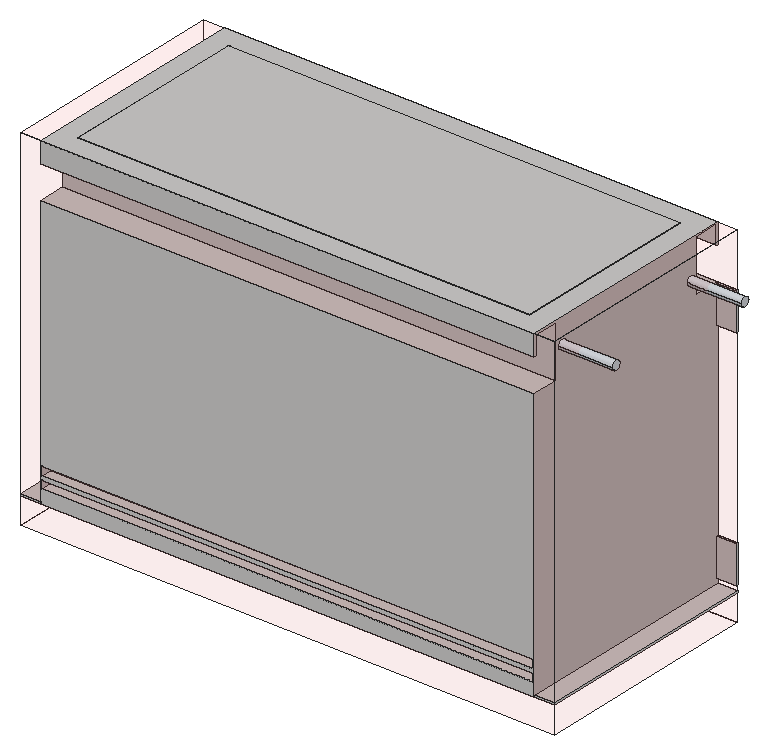
Revit family "Air-Curtain_Climate-Control_PoweredAire_THS", category Mechanical Equipment, host Face, Revit 2018
Family settings
  Host = Face
  Round Connector Dimension = Use Diameter
  Part Type = Normal
  OmniClass Number = 23.75.35.17.21
  OmniClass Title = Air Curtains
  Cut with Voids When Loaded = No
  Shared = No
  Room Calculation Point = No
Parameters
  upperrotation [instance] = if(Upper Pipe Connection Side A, 0.00°, 180.00°)  # 0.00°
  lowerrotation [instance] = if(Lower Pipe Connection Side A, 0.00°, 180.00°)  # 0.00°
  locateupperpipe [instance] = if(Upper Pipe Connection Side A, 0' 0", Nozzle Width)  # 0' - 0"
  locatelowerpipe [instance] = if(Lower Pipe Connection Side A, 0' 0", Nozzle Width)  # 0' - 0"
  Warranty Duration (Years) = 0
  Upper Pipe Connection Side A [instance] = yes
  Unit Width Notes = "Other Widths available."  # constant formula
  Unit Width = 3' - 3"
  Unit Weight = 0
  Unit Height = 1' - 4 3/4"
  Unit Depth [instance] = if(Include Filters, 2' 1 7/8", 1' 11 3/4")  # 1' - 11 3/4"
  URL = "http://www.poweredaire.com/"
  Test Data = ""
  Temperature Rise_Range = "as Specified"
  Standards Conformance = "as Specified"
  Specification = "http://www.arcat.com/sdspecs/htm04/23_34_33pai.htm"
  SpecWizard = ""
  Sound Pressure = "as Specified"
  Sales Information = "http://www.poweredaire.com/contact_us"
  Revision = "R1_2016-08"
  Projection from Host [instance] = 0' - 2"
  Product Properties = ""
  Product Data = "http://www.arcat.com/arcatcos/cos47/arc47623.html"
  Power Rating = 0 W
  Piping_Water Flow [instance] = 0 GPM
  Piping_Operating Pressure [instance] = 0.00 psi
  Piping_Exit Temperature [instance] = 0 °F
  Piping_Entry Temperature [instance] = 0 °F
  Pipe OD [instance] = 5/8"
  Outlet Volume_Range = "as Specified"
  Outlet Velocity_Range = "as Specified"
  Nozzle Width = if(1 = 1, Unit Width - 0' 3", 0' 0")  # 3' - 0"
  Mounting Width = if(1 = 1, Unit Width - 0' 1 1/2", 0' 0")  # 3' - 1 1/2"
  Mounting Height [instance] = 3' - 6"
  Motor RPM = 0
  Motor HP = 0
  Motor Count = 0
  Model = "As Specified"
  Max Height = 0' - 0"
  Manufacturer Website = "http://www.poweredaire.com/"
  Manufacturer Phone - Toll Free = "888-321-2473"
  Manufacturer Phone = "724-588-3305"
  Manufacturer Fax = "724-588-3371"
  Manufacturer Address = "109 Mortensen Rd.  Greenville, PA 16125"
  Manufacturer = "Powered Aire, Inc"
  Maintenance Schedule (Months) = 0
  Lower Pipe Connection Side A [instance] = yes
  Keynote = "23 34 33"
  Installation-Fabrication = ""
  Installation Phase = ""
  Include Filters [instance] = no
  Include Clearance [instance] = yes
  Heating Element Load = 0 W
  HVAC_Temperature Rise [instance] = 0 °F
  HVAC_Outlet Volume [instance] = 0 CFM
  HVAC_Outlet Velocity Uniformity = 0
  HVAC_Outlet Velocity [instance] = 0 FPM
  HVAC_BTU Input = 0.0 Btu/h
  Green Building-LEED = "http://www.arcat.com/green/clients/leed_data_47623.html"
  Front Grating Material [instance] = Metal - Steel - PoweredAire - Stainless 304 Perforated
  Frame Finish [instance] = Metal - Steel - PoweredAire - Stainless 304
  Expected Lifespan (Years) = 0
  Electrical_Wattage [instance] = Power Rating + Heating Element Load  # 0 W
  Electrical_Voltage [instance] = 0 V
  Electrical_Phase [instance] = 1
  Electrical_Frequency [instance] = 0 Hz
  Electrical_Amperage [instance] = 0 A
  Drawn By = "Sumex Design, Inc. / Robert S. Weygant, CSI, CDT, SCIP"
  Description = "Powered Aire Air Curtain as Specified"
  Default Elevation = 0' - 0"  # constant formula
  Copyright = "©Arcat Inc."
  Construction Details = "http://www.arcat.com/details/powair/prod3336.html"
  Clearance_Top [instance] = 0' - 0"
  Clearance_Side B [instance] = 0' - 0"
  Clearance_Side A [instance] = 0' - 0"
  Clearance_Intake [instance] = 0' - 0"
  Clearance_Bottom [instance] = 0' - 0"
  Clearance Material [instance] = ARCAT Clearance
  Building Codes = ""
  Available Options [instance] = "as Specified"
  Assembly Code = "D3090400"
Reference planes (in)
  plane 1 "Center (Elevation)": y = 0.13818
  plane 2: z = 0
  plane 3 "Center (Left/Right)": x = 0
  plane 4: y = 8.51318
  plane 5: y = -8.23682
  plane 6: x = -19.5
  plane 7: x = 19.5
  plane 8: z = 25.75
  plane 9 "FF": y = -41.86182
  plane 10: z = 2
  plane 11: x = 18
  plane 12: x = -18
  plane 13: y = 8.51318
  plane 14: y = -8.23682
  plane 15: x = -19.5
  plane 16: x = 19.5
  plane 17: z = 25.75
  plane 18: x = 17.9375
  plane 19: x = -17.9375
  plane 20: x = 18
  plane 21: x = 18
  plane 22: y = 6.01318
  plane 23: y = -5.73682
Forms (in)
  Extrusion 1, solid, material "Metal - Steel - PoweredAire - Stainless 304" <- "Frame Finish"
    sketch origin (0, 0, 0) x (0, 1, 0) y (0, 0, 1)
      loop
        line (-8.23682, 2) -> (8.51318, 2) -> (8.51318, 21.8125) -> (6.51318, 21.8125) -> (6.51318, 25.625) -> (8.38818, 25.625) -> (8.38818, 24.25) -> (8.51318, 24.25) -> (8.51318, 25.75) -> (-8.23682, 25.75) -> (-8.23682, 24.25) -> (-8.11182, 24.25) -> (-8.11182, 25.625) -> (-6.23682, 25.625) -> (-6.23682, 21.8125) -> (-8.23682, 21.8125) -> (-8.23682, 2)
    from -18 to 18
  Extrusion 2, solid, material "ARCAT Clearance" <- "Clearance Material", visible <- "Include Clearance"
    sketch origin (0, 0, 0) x (0, 1, 0) y (0, 0, 1)
      loop
        line (-8.23682, 25.75) -> (-8.23682, 0) -> (8.51318, 0) -> (8.51318, 25.75) -> (-8.23682, 25.75)
    from -19.5 to 19.5
  Extrusion 3, solid, material "Metal - Steel - PoweredAire - Stainless 304" <- "Frame Finish"
    sketch origin (-15.17702, -180, 2) x (-1, 0, 0) y (0, -1, 0)
      loop
        line (-33.17702, -188.51318) -> (-33.17702, -171.76318) -> (-34.67702, -171.76318) -> (-34.67702, -188.51318) -> (-33.17702, -188.51318)
      loop
        line (2.82298, -188.51318) -> (4.32298, -188.51318) -> (4.32298, -171.76318) -> (2.82298, -171.76318) -> (2.82298, -188.51318)
    from 0 to 0.125
  Extrusion 4, solid, material "Metal - Steel - PoweredAire - Stainless 304" <- "Frame Finish"
    sketch origin (-11.83813, 8.51318, 48) x (-1, 0, 0) y (0, 0, 1)
      loop
        line (-29.83813, -45.5) -> (-29.83813, -42.75) -> (-31.33813, -42.75) -> (-31.33813, -45.5) -> (-29.83813, -45.5)
      loop
        line (-29.83813, -28.9375) -> (-29.83813, -26.1875) -> (-31.33813, -26.1875) -> (-31.33813, -28.9375) -> (-29.83813, -28.9375)
      loop
        line (6.16187, -45.5) -> (7.66187, -45.5) -> (7.66187, -42.75) -> (6.16187, -42.75) -> (6.16187, -45.5)
      loop
        line (6.16187, -28.9375) -> (7.66187, -28.9375) -> (7.66187, -26.1875) -> (6.16187, -26.1875) -> (6.16187, -28.9375)
    from 0 to -0.125
  Extrusion 5, void
    sketch origin (0, 0, 0) x (0, 1, 0) y (0, 0, 1)
      loop
        line (-8.23682, 3) -> (-7.23682, 3) -> (-7.23682, 4.5) -> (-8.23682, 4.5) -> (-8.23682, 3.82425) -> (-7.38364, 3.82425) -> (-7.38364, 3.57425) -> (-8.23682, 3.57425) -> (-8.23682, 3)
    from -17.9375 to 17.9375
  Extrusion 6, solid, material "Metal - Steel - PoweredAire - Stainless 304 Perforated" <- "Front Grating Material"
    sketch origin (0, -8.23682, 25.75) x (0, 1, 0) y (-1, 0, 0)
      loop
        line (15.25, 16.5) -> (1.5, 16.5) -> (1.5, -16.5) -> (15.25, -16.5) -> (15.25, 16.5)
    from 0 to 0.03125
  Sweep 7, solid
    path origin (18, 6.01318, 0) x (1, 0, 0) y (0, 1, 0)
      loop
        line (0, 0) -> (4, 0)
    profile origin (20, 6.01318, 0) x (0, 1, 0) y (0, 0, 1)
      loop
        circle (0, 23) r 0.3125
  Sweep 8, solid
    path origin (18, -5.73682, 0) x (1, 0, 0) y (0, 1, 0)
      loop
        line (0, 0) -> (4, 0)
    profile origin (20, -5.73682, 0) x (0, 1, 0) y (0, 0, 1)
      loop
        circle (0, 24) r 0.3125
Cuts and joins
  Extrusion 5 cuts Extrusion 1
Lines and regions (in)
  reference lines
    curve 1: line (18, 6.01318, 0) -> (22.75, 6.01318, 0)
    curve 2: line (18, -5.73682, 0) -> (23.75, -5.73682, 0)
Dimensions and locks (in)
  equal spacing: plane 4, plane 1 "Center (Elevation)", plane 5
  "Unit Height": plane 4 to plane 5
  equal spacing: plane 6, plane 3 "Center (Left/Right)", plane 7
  "Unit Width": plane 6 to plane 7
  "Mounting Height": plane 1 "Center (Elevation)" to plane 9 "FF"
  "Projection from Host": plane 10 to level
  "Unit Depth": plane 8 to plane 10
  locked: plane 6 to plane 12 at 1.5
  locked: plane 11 to plane 7 at 1.5
  "Clearance_Side A": plane 7 to plane 16
  "Clearance_Side B": plane 15 to plane 6
  "Clearance_Top": plane 13 to plane 4
  "Clearance_Bottom": plane 5 to plane 14
  "Clearance_Intake": plane 17 to plane 8
  plane 5 to Extrusion 1 sketch curve to Extrusion 1 sketch curve = 0' - 0 1/8" locked, 0' - 1 7/8" locked
  Extrusion 1 sketch curve to Extrusion 1 sketch curve to plane 4 = 0' - 1 7/8" locked, 0' - 0 1/8" locked
  Extrusion 4 sketch curve to Extrusion 4 sketch curve to Extrusion 4 sketch curve to Extrusion 4 sketch curve to plane 10 = 0' - 2 3/4" locked, 1' - 1 13/16" locked, 0' - 2 3/4" locked, 0' - 0 1/2" locked
  Extrusion 4 sketch curve to Extrusion 4 sketch curve to Extrusion 4 sketch curve to Extrusion 4 sketch curve = 0' - 2 3/4" locked, 1' - 1 13/16" locked, 0' - 2 3/4" locked
  locked: Extrusion 4 sketch curve to plane 10 at 0.5
  plane 8 to Extrusion 1 sketch curve to Extrusion 1 sketch curve = 0' - 0 1/8" locked, 0' - 1 3/8" locked  (x2)
  locked: Extrusion 1 sketch curve to plane 10 at 19.8125  (x2)
  Extrusion 5 sketch curve to Extrusion 5 sketch curve to Extrusion 5 sketch curve to Extrusion 5 sketch curve to plane 10 = 0' - 0.67575" locked, 0' - 0 1/4" locked, 0' - 0.57425" locked, 0' - 1" locked
  plane 5 to Extrusion 5 sketch curve to Extrusion 5 sketch curve = 0' - 0.85319" locked, 0' - 0.14681" locked
  locked: plane 19 to plane 12 at 0.0625
  locked: plane 11 to plane 18 at 0.0625
  locked: plane 4 to Extrusion 6 sketch curve at 1.5
  locked: Extrusion 6 sketch curve to plane 5 at 1.5
  locked: Extrusion 6 sketch curve to plane 11 at 1.5
  locked: plane 12 to Extrusion 6 sketch curve at 1.5
  "locateupperpipe": plane 20 to plane 11
  "locatelowerpipe": plane 21 to plane 11
  locked: plane 4 to plane 22 at 2.5
  locked: plane 23 to plane 5 at 2.5
  locked: curve 1 to Sweep 7 sketch curve at 4
  locked: curve 1 to Sweep 7 sketch curve
  locked: Sweep 7 sketch curve to plane 10 at 21
  locked: curve 2 to Sweep 8 sketch curve at 4
  locked: curve 2 to Sweep 8 sketch curve
  locked: Sweep 8 sketch curve to plane 10 at 22
  "upperrotation": angle plane 22 to curve 1
  "lowerrotation": angle plane 23 to curve 2
  aligned and locked: plane 2 to host face
  aligned and locked: level to host face
  aligned and locked: Extrusion 2 sketch curve to plane 17
  aligned and locked: plane 14 to Extrusion 2 sketch curve
  aligned and locked: level to Extrusion 2 sketch curve
  aligned and locked: Extrusion 2 sketch curve to plane 13
  aligned and locked: plane 16 to Extrusion 2
  aligned and locked: Extrusion 2 to plane 15
  aligned and locked: plane 11 to Extrusion 1
  aligned and locked: Extrusion 1 to plane 12
  aligned and locked: plane 21 to curve 2
  aligned and locked: plane 23 to curve 2
  aligned and locked: plane 22 to curve 1
  aligned and locked: plane 20 to curve 1
Automatic sketch dimensions
  host sketch curve to host sketch curve = 8' - 0"  (x2)
  Extrusion 1 sketch curve to plane 5 = 0' - 0"  (x2)
  Extrusion 1 sketch curve to plane 4 = 0' - 0"  (x2)
  Extrusion 1 sketch curve to plane 10 = 0' - 0"
  Extrusion 1 sketch curve to plane 8 = 0' - 0"
  plane 4 to Extrusion 3 sketch curve = 0' - 0"
  Extrusion 3 sketch curve to plane 7 = 0' - 0"
  plane 5 to Extrusion 3 sketch curve = 0' - 0"
  Extrusion 3 sketch curve to plane 11 = 0' - 0"
  Extrusion 3 sketch curve to plane 4 = 0' - 0"
  Extrusion 3 sketch curve to plane 12 = 0' - 0"
  Extrusion 3 sketch curve to plane 6 = 0' - 0"
  Extrusion 3 sketch curve to plane 5 = 0' - 0"
  Extrusion 4 sketch curve to plane 7 = 0' - 0"  (x2)
  Extrusion 4 sketch curve to plane 11 = 0' - 0"  (x2)
  Extrusion 4 sketch curve to plane 12 = 0' - 0"  (x2)
  Extrusion 4 sketch curve to plane 6 = 0' - 0"  (x2)
  Extrusion 5 sketch curve to plane 5 = 0' - 0"  (x2)
  Sweep 7 sketch curve to profile plane = 0' - 0"
  Sweep 8 sketch curve to profile plane = 0' - 0"
  radius of Sweep 7 sketch curve = 0' - 0 5/16"
  radius of Sweep 8 sketch curve = 0' - 0 5/16"
Connectors (in)
  piping at (22, 6.01318, 23), diameter 0.625, driven by "Pipe OD", driven by "Piping_Water Flow"
    settings: on Sweep 7, index 1, connector inside diameter 24", connector length 0' - 0", flow factor 0, pipe flow 0 GPM, pressure drop 0.00 psi, fitting loss kfactor 0, connector angle 0.00°, fixture units 0, engagement length 0' - 0", angle of deflection 0.00°, flow configuration 0, flow direction 0, fitting loss method 0, system type 29, joint type 0, gender type 0, connector reference index -1, connector utility 0, adjustable connector no, is connector primary yes, connector description "Define Supply or Return and Location"
  piping at (22, -5.73682, 24), diameter 0.625, driven by "Pipe OD", driven by "Piping_Water Flow"
    settings: on Sweep 8, index 2, connector inside diameter 24", connector length 0' - 0", flow factor 0, pipe flow 0 GPM, pressure drop 0.00 psi, fitting loss kfactor 0, connector angle 0.00°, fixture units 0, engagement length 0' - 0", angle of deflection 0.00°, flow configuration 0, flow direction 0, fitting loss method 0, system type 29, joint type 0, gender type 0, connector reference index -1, connector utility 0, adjustable connector no, is connector primary no, connector description "Define Supply or Return and Location"
  electrical at (-18, 0.13818, 21.39062), driven by "Electrical_Voltage", driven by "Electrical_Phase"
    settings: on cut or joined group of Extrusion 1, Extrusion 5, index 3, voltage 0 V, apparent load 0 VA, apparent load phase1 0 VA, apparent load phase2 0 VA, apparent load phase3 0 VA, power factor 1, load classification "Motor", number of poles 1, system type 31, power factor state 1, is connector primary yes, connector utility no, sub classification motor no, connector description ""
